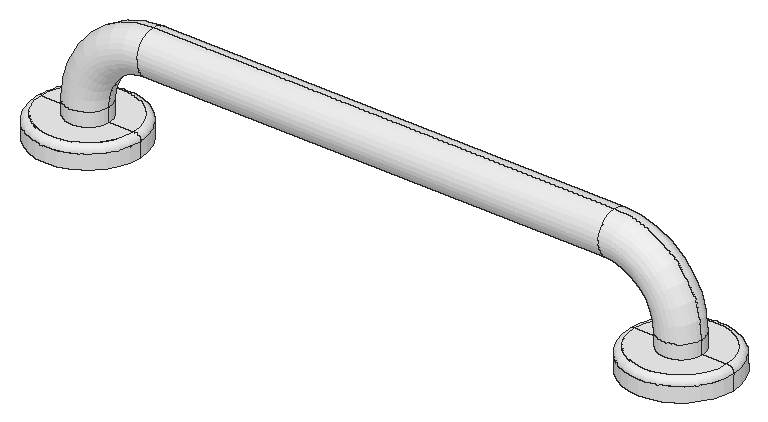
Revit family "Home collection grab rail - straight 450mm-687371C", category Specialty Equipment, host Face, Revit 2015
Parameters (values of type "Home collection grab rail - straight 450mm Chrome")
  URL = "https://www.caroma.com.au/"
  Rail_Width = 450 mm
  Rail_Offset = 76 mm
  Model = "687371C"
  Material_Rail = GWA_Metal-Chrome
  Manufacturer = "GWA Bathrooms & Kitchens"  # constant formula
  Description = "Home collection grab rail - straight 450mm Chrome"
  Default Elevation = 900 mm
  CreatedBy_ANZRS = "GWA Bathrooms & Kitchens"  # constant formula
  Assembly Code = "C1030200"
Types (9, lengths in mm): name | Rail_Width | Rail_Offset | Model | Material_Rail | Description
  (no name) | 450 | 76 | "687371C" | GWA_Metal-Chrome | "Home collection grab rail - straight 450mm Chrome"
  Home collection grab rail - straight 300mm Chrome | 300 | 76 | "687370C" | GWA_Metal-Chrome | "Home collection grab rail - straight 300mm Chrome"
  Home collection grab rail - straight 300mm White | 300 | 76 | "687370W" | GWA-Metal-White | "Home collection grab rail - straight 300mm White"
  Home collection grab rail - straight 450mm Chrome | 450 | 76 | "687371C" | GWA_Metal-Chrome | "Home collection grab rail - straight 450mm Chrome"
  Home collection grab rail - straight 450mm White | 450 | 76 | "687371W" | GWA-Metal-White | "Home collection grab rail - straight 450mm White"
  Home collection grab rail - straight 600mm Chrome | 600 | 71 | "687372C" | GWA_Metal-Chrome | "Home collection grab rail - straight 600mm Chrome"
  Home collection grab rail - straight 600mm White | 600 | 71 | "687372W" | GWA-Metal-White | "Home collection grab rail - straight 600mm White"
  Home collection grab rail - straight 900mm Chrome | 900 | 71 | "687373C" | GWA_Metal-Chrome | "Home collection grab rail - straight 900mm Chrome"
  Home collection grab rail - straight 900mm White | 900 | 71 | "687373W" | GWA-Metal-White | "Home collection grab rail - straight 900mm White"
Reference planes
  plane 1 "Center (Front/Back)": y = 0
  plane 2: z = 0
  plane 3 "Center (Left/Right)": x = 0
  plane 4 "Left": x = -225
  plane 5 "Right": x = 225
  plane 6: z = 76
Forms (mm)
  Sweep 1, solid, material "GWA_Metal-Chrome" <- "Material_Rail"
    path origin (0, 0, 56.664) x (1, 0, 0) y (0, 0, 1)
      loop
        line (-225, -56.664) -> (-225, -30.664)
        arc (-225, -30.664) -> (-210.355, 4.691) -> (-175, 19.336) r 50
        line (-175, 19.336) -> (175, 19.336)
        arc (175, 19.336) -> (210.355, 4.691) -> (225, -30.664) r 50
        line (225, -30.664) -> (225, -56.664)
    profile origin (-225, 0, 13) x (-1, 0, 0) y (0, -1, 0)
      loop
        circle (0, 0) r 16
  Revolve 2, solid, material "GWA_Metal-Chrome" <- "Material_Rail"
    sketch origin (0, 0, 0) x (1, 0, 0) y (0, 0, 1)
      loop
        line (-225, 0) -> (-185, 0) -> (-185, 11)
        arc (-185, 11) -> (-186.464, 14.536) -> (-190, 16) r 5
        line (-190, 16) -> (-225, 16) -> (-225, 0)
      axis (-225, 16) -> (-225, 0)
    angle from 0 to 360
  Revolve 3, solid, material "GWA_Metal-Chrome" <- "Material_Rail"
    sketch origin (0, 0, 0) x (1, 0, 0) y (0, 0, 1)
      loop
        line (225, 0) -> (265, 0) -> (265, 11)
        arc (265, 11) -> (263.536, 14.536) -> (260, 16) r 5
        line (260, 16) -> (225, 16) -> (225, 0)
      axis (225, 16) -> (225, 0)
    angle from 0 to 360
Lines and regions (mm)
  Masking region 1
    outline origin (0, 0, 0) x (1, 0, 0) y (0, 1, 0)
      loop
        arc (-188.339, 16) -> (-265, 0) -> (-188.339, -16) r 40
        line (-188.339, -16) -> (188.339, -16)
        arc (188.339, -16) -> (265, 0) -> (188.339, 16) r 40
        line (188.339, 16) -> (-188.339, 16)
  Masking region 2
    outline origin (0, 0, 0) x (1, 0, 0) y (0, 0, 1)
      loop
        line (-185, 0) -> (-185, 11)
        arc (-185, 11) -> (-186.464, 14.536) -> (-190, 16) r 5
        line (-190, 16) -> (-209, 16) -> (-209, 26)
        arc (-209, 26) -> (-199.042, 50.042) -> (-175, 60) r 34
        line (-175, 60) -> (175, 60)
        arc (175, 60) -> (199.042, 50.042) -> (209, 26) r 34
        line (209, 26) -> (209, 16) -> (190, 16)
        arc (190, 16) -> (186.464, 14.536) -> (185, 11) r 5
        line (185, 11) -> (185, 0) -> (265, 0) -> (265, 11)
        arc (265, 11) -> (263.536, 14.536) -> (260, 16) r 5
        line (260, 16) -> (241, 16) -> (241, 26)
        arc (241, 26) -> (221.669, 72.669) -> (175, 92) r 66
        line (175, 92) -> (-175, 92)
        arc (-175, 92) -> (-221.669, 72.669) -> (-241, 26) r 66
        line (-241, 26) -> (-241, 16) -> (-260, 16)
        arc (-260, 16) -> (-263.536, 14.536) -> (-265, 11) r 5
        line (-265, 11) -> (-265, 0) -> (-185, 0)
  Masking region 3
    outline origin (0, 0, 0) x (0, 1, 0) y (0, 0, 1)
      loop
        line (-40, 0) -> (40, 0) -> (40, 11)
        arc (40, 11) -> (38.536, 14.536) -> (35, 16) r 5
        line (35, 16) -> (16, 16) -> (16, 76)
        arc (16, 76) -> (0, 92) -> (-16, 76) r 16
        line (-16, 76) -> (-16, 16) -> (-35, 16)
        arc (-35, 16) -> (-38.536, 14.536) -> (-40, 11) r 5
        line (-40, 11) -> (-40, 0)
  symbolic lines
    curve 1: arc (-225, 16, 0) -> (-241, 0, 0) -> (-225, -16, 0) r 16
    curve 2: arc (225, 16, 0) -> (241, 0, 0) -> (225, -16, 0) r 16
    curve 3: arc (188.339, 16, 0) -> (265, 0, 0) -> (188.339, -16, 0) r 40
    curve 4: arc (-188.339, -16, 0) -> (-265, 0, 0) -> (-188.339, 16, 0) r 40
    curve 5: line (-225, 16, 0) -> (225, 16, 0)
    curve 6: line (225, -16, 0) -> (-225, -16, 0)
    curve 7: line (-225, 0, 0) -> (-265, 0, 0)
    curve 8: line (-265, 0, 0) -> (-265, 0, 11)
    curve 9: line (-185, 0, 0) -> (-185, 0, 11)
    curve 10: line (-190, 0, 16) -> (-260, 0, 16)
    curve 11: arc (-260, 0, 16) -> (-263.536, 0, 14.536) -> (-265, 0, 11) r 5
    curve 12: arc (-190, 0, 16) -> (-186.464, 0, 14.536) -> (-185, 0, 11) r 5
    curve 13: line (-209, 0, 16) -> (-209, 0, 26)
    curve 14: line (-241, 0, 16) -> (-241, 0, 26)
    curve 15: line (265, 0, 0) -> (265, 0, 11)
    curve 16: line (260, 0, 16) -> (190, 0, 16)
    curve 17: line (185, 0, 11) -> (185, 0, 0)
    curve 18: line (185, 0, 0) -> (265, 0, 0)
    curve 19: line (209, 0, 16) -> (209, 0, 26)
    curve 20: line (241, 0, 16) -> (241, 0, 26)
    curve 21: line (175, 0, 92) -> (-175, 0, 92)
    curve 22: line (175, 0, 60) -> (-175, 0, 60)
    curve 23: arc (-209, 0, 26) -> (-199.042, 0, 50.042) -> (-175, 0, 60) r 34
    curve 24: arc (175, 0, 60) -> (199.042, 0, 50.042) -> (209, 0, 26) r 34
    curve 25: arc (-241, 0, 26) -> (-221.669, 0, 72.669) -> (-175, 0, 92) r 66
    curve 26: arc (175, 0, 92) -> (221.669, 0, 72.669) -> (241, 0, 26) r 66
    curve 27: arc (185, 0, 11) -> (186.464, 0, 14.536) -> (190, 0, 16) r 5
    curve 28: arc (260, 0, 16) -> (263.536, 0, 14.536) -> (265, 0, 11) r 5
    curve 29: line (0, -40, 0) -> (0, -40, 11)
    curve 30: line (0, -35, 16) -> (0, 35, 16)
    curve 31: line (0, 40, 11) -> (0, 40, 0)
    curve 32: line (0, 40, 0) -> (0, -40, 0)
    curve 33: line (0, -16, 16) -> (0, -16, 76)
    curve 34: line (0, 16, 16) -> (0, 16, 76)
    curve 35: arc (0, -40, 11) -> (0, -38.536, 14.536) -> (0, -35, 16) r 5
    curve 36: arc (0, 35, 16) -> (0, 38.536, 14.536) -> (0, 40, 11) r 5
    curve 37: arc (0, -16, 76) -> (0, 0, 92) -> (0, 16, 76) r 16
Dimensions and locks
  "Rail_Width": plane 4 "Left" to plane 5 "Right"
  equal spacing: plane 4 "Left", plane 3 "Center (Left/Right)", plane 5 "Right"
  "Rail_Offset": level to plane 6
  curve 21 to plane 6 = 16 mm
  curve 16 to curve 18 = 16 mm
  radius of Sweep 1 sketch curve = 50 mm  (x2)
  aligned and locked: plane 2 to host face
  aligned and locked: level to host face
  aligned and locked: Revolve 3 to Sweep 1 sketch curve
  aligned and locked: Sweep 1 sketch curve to curve 7
Automatic sketch dimensions
  host sketch curve to host sketch curve = 1402.285 mm
  host sketch curve to host sketch curve = 393.94 mm
  plane 1 "Center (Front/Back)" to Sweep 1 sketch curve = 0 mm
  Sweep 1 sketch curve to profile plane = 0 mm
  Revolve 2 sketch curve to level = 0 mm
  Revolve 2 sketch curve to plane 4 "Left" = 0 mm  (x2)
  level to Revolve 2 sketch curve = 11 mm
  plane 4 "Left" to Revolve 2 sketch curve = 35 mm
  Revolve 2 sketch curve to Revolve 2 sketch curve = 5 mm
  Revolve 2 sketch curve to Revolve 2 sketch curve = 12.981 mm
  Revolve 2 sketch curve to Revolve 2 sketch curve = 10 mm
  Revolve 3 sketch curve to level = 0 mm
  Revolve 3 sketch curve to plane 5 "Right" = 0 mm  (x2)
  level to Revolve 3 sketch curve = 11 mm
  plane 5 "Right" to Revolve 3 sketch curve = 35 mm
  Revolve 3 sketch curve to Revolve 3 sketch curve = 5 mm
  Revolve 3 sketch curve to Revolve 3 sketch curve = 20 mm
  Revolve 3 sketch curve to Revolve 3 sketch curve = 45 mm
  plane 1 "Center (Front/Back)" to Masking region 1 sketch curve = 0 mm  (x2)
  Masking region 1 sketch curve to plane 4 "Left" = 0 mm
  Masking region 1 sketch curve to plane 5 "Right" = 0 mm
  Masking region 1 sketch curve to plane 1 "Center (Front/Back)" = 16 mm
  plane 4 "Left" to Masking region 1 sketch curve = 36.661 mm
  Masking region 1 sketch curve to plane 5 "Right" = 36.661 mm
  plane 1 "Center (Front/Back)" to Masking region 1 sketch curve = 16 mm
  curve 23 to curve 25 = 0 mm  (x2)
  curve 24 to curve 26 = 0 mm  (x2)
  curve 7 to level = 0 mm
  curve 7 to plane 4 "Left" = 0 mm
  curve 9 to level = 0 mm
  curve 17 to level = 0 mm
  level to curve 11 = 11 mm
  curve 11 to curve 14 = 19 mm
  curve 8 to curve 11 = 5 mm
  plane 4 "Left" to curve 13 = 16 mm
  curve 13 to curve 12 = 19 mm
  curve 12 to curve 9 = 5 mm
  curve 12 to curve 25 = 10 mm
  curve 26 to curve 17 = 10 mm
  curve 17 to curve 27 = 5 mm
  curve 19 to plane 5 "Right" = 16 mm
  curve 20 to curve 28 = 19 mm
  curve 28 to curve 18 = 5 mm
  Sweep 1 sketch curve to plane 4 "Left" = 0 mm
  Sweep 1 sketch curve to plane 5 "Right" = 0 mm
  plane 6 to Sweep 1 sketch curve = 0 mm
  curve 24 to curve 19 = 34 mm
  curve 14 to plane 4 "Left" = 16 mm
  Masking region 2 sketch curve to Masking region 2 sketch curve = 0 mm  (x4)
  Masking region 2 sketch curve to level = 0 mm  (x2)
  Masking region 2 sketch curve to plane 4 "Left" = 40 mm
  Masking region 2 sketch curve to Masking region 2 sketch curve = 5 mm  (x4)
  Masking region 2 sketch curve to plane 4 "Left" = 16 mm
  plane 4 "Left" to Masking region 2 sketch curve = 16 mm
  Masking region 2 sketch curve to Masking region 2 sketch curve = 19 mm  (x2)
  Masking region 2 sketch curve to plane 6 = 16 mm
  Masking region 2 sketch curve to Masking region 2 sketch curve = 34 mm
  Masking region 2 sketch curve to plane 5 "Right" = 50 mm
  Masking region 2 sketch curve to plane 5 "Right" = 40 mm
  Masking region 2 sketch curve to plane 5 "Right" = 16 mm
  level to Masking region 2 sketch curve = 11 mm  (x4)
  curve 29 to level = 0 mm
  curve 37 to plane 6 = 0 mm
  curve 37 to plane 1 "Center (Front/Back)" = 0 mm
  level to curve 35 = 11 mm
  plane 1 "Center (Front/Back)" to curve 35 = 35 mm
  curve 32 to curve 35 = 5 mm
  level to curve 36 = 11 mm
  curve 36 to plane 1 "Center (Front/Back)" = 35 mm
  plane 1 "Center (Front/Back)" to curve 33 = 16 mm
  Masking region 3 sketch curve to level = 0 mm
  Masking region 3 sketch curve to plane 6 = 0 mm
  Masking region 3 sketch curve to plane 1 "Center (Front/Back)" = 0 mm
  plane 1 "Center (Front/Back)" to Masking region 3 sketch curve = 16 mm
  level to Masking region 3 sketch curve = 11 mm  (x2)
  Masking region 3 sketch curve to Masking region 3 sketch curve = 19 mm  (x2)
  Masking region 3 sketch curve to Masking region 3 sketch curve = 5 mm  (x2)
  curve 1 to curve 4 = 0 mm  (x2)
  curve 2 to curve 3 = 0 mm  (x2)
  plane 1 "Center (Front/Back)" to curve 1 = 0 mm
  curve 1 to plane 4 "Left" = 0 mm
  curve 2 to plane 5 "Right" = 0 mm
  plane 4 "Left" to curve 4 = 36.661 mm
  curve 3 to curve 2 = 36.661 mm
  curve 3 to plane 1 "Center (Front/Back)" = 16 mm
  radius of Sweep 1 sketch curve = 16 mm
